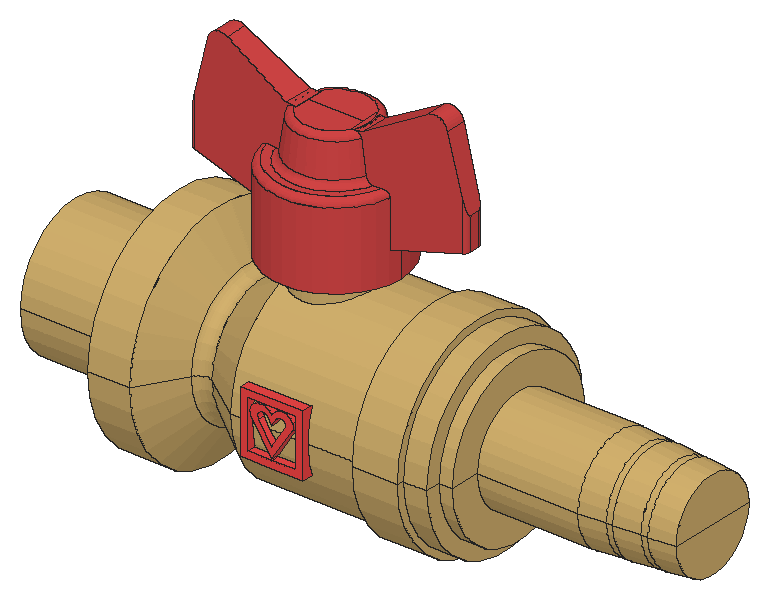
Revit family "KFE inkl.Schlauchtülle 2512", category Pipe Accessories, Revit 2018
Family settings
  Round Connector Dimension = Use Diameter
  Part Type = Normal
  OmniClass Number = 23.65.55.14
  OmniClass Title = Valves for Liquid Services
  Work Plane-Based = No
  Always vertical = Yes
  Cut with Voids When Loaded = No
  Shared = No
Parameters
  min.Betriebstemperatur = -30 °C  # constant formula
  max.Betriebstemperatur = 110 °C  # constant formula
  max.Betriebsdruck = 1000000.0 Pa  # constant formula
  W1 = 60.00°  # constant formula
  URL = "www.herz-armaturen.at"
  Spindel = "Messing CW614N"  # constant formula
  SCTWSEQ = "ENT;AO;1"
  SCTWCODE = "01;10;01"  # constant formula
  SCRNSEQ = "ARM;ARM_TYP=\"ABSV\";1"
  SCRNCODE = "05;08;01"  # constant formula
  S04 = 6.500 mm  # constant formula
  S03 [instance] = (L06 / 2) + L07 + L08 + L09 + L100  # 36.750 mm
  S02 [instance] = L05 + (L06 / 2)  # 17.650 mm
  S01 [instance] = L00 - (L08 + L09 + L100)  # 62.000 mm
  R99 = 2.000 mm  # constant formula
  R01 [instance] = if(Nennweite = 15.000 mm, 5.500 mm, if(Nennweite = 20.000 mm, 6.000 mm, 1.000 mm))  # 6.000 mm
  Nennweite [instance] = 20.000 mm
  LO1 = 2.500 mm  # constant formula
  L12 = 3.800 mm  # constant formula
  L11 = 8.600 mm  # constant formula
  L100 = 14.600 mm  # constant formula
  L10 = 1.000 mm  # constant formula
  L09 = 13.400 mm  # constant formula
  L08 = 2.000 mm  # constant formula
  L07 = 3.500 mm  # constant formula
  L06 = 6.500 mm  # constant formula
  L05 [instance] = if(Nennweite = 15.000 mm, 11.000 mm, if(Nennweite = 20.000 mm, 14.400 mm, 1.000 mm))  # 14.400 mm
  L04 = 4.000 mm  # constant formula
  L03 [instance] = if(Nennweite = 15.000 mm, 4.000 mm, if(Nennweite = 20.000 mm, 6.000 mm, 1.000 mm))  # 6.000 mm
  L02 [instance] = if(Nennweite = 15.000 mm, 12.000 mm, if(Nennweite = 20.000 mm, 15.000 mm, 1.000 mm))  # 15.000 mm
  L01 [instance] = if(Nennweite = 15.000 mm, 32.000 mm, if(Nennweite = 20.000 mm, 37.600 mm, 1.000 mm))  # 37.600 mm
  L00 [instance] = if(Nennweite = 15.000 mm, 83.000 mm, if(Nennweite = 20.000 mm, 92.000 mm, 1.000 mm))  # 92.000 mm
  Kugel = "geschmiedetes CW617N, volle Bohrung, Oberfläche verchromt"  # constant formula
  Knebel = "Aluminium rot beschichtet"  # constant formula
  Manufacturer = "Herz-Armaturen GmbH"  # constant formula
  H01 [instance] = if(Nennweite = 15.000 mm, 17.000 mm, if(Nennweite = 20.000 mm, 21.000 mm, 1.000 mm))  # 21.000 mm
  H00 [instance] = if(Nennweite = 15.000 mm, 37.000 mm, if(Nennweite = 20.000 mm, 40.000 mm, 1.000 mm))  # 40.000 mm
  Gehäuse = "geschmiedetes Messing CW617N"  # constant formula
  G01 [instance] = Nennweite / 2  # 10.000 mm
  Dichtungen = "Kugel: PTFE, Spindel: PTFE"  # constant formula
  D07 = 6.500 mm  # constant formula
  D06 = 7.500 mm  # constant formula
  D05 = 11.900 mm  # constant formula
  D04 = 14.000 mm  # constant formula
  D03 = 15.000 mm  # constant formula
  D02 [instance] = if(Nennweite = 15.000 mm, 11.700 mm, if(Nennweite = 20.000 mm, 13.900 mm, 1.000 mm))  # 13.900 mm
  D01 [instance] = if(Nennweite = 15.000 mm, 13.400 mm, if(Nennweite = 20.000 mm, 16.500 mm, 1.000 mm))  # 16.500 mm
  Betriebsdaten = "Heizungswasser nach ÖNORM H5195 oder VDI- Richtlinie 2035.\r\nDie Verwendung von Ethylen-, oder Propyleneglykol in einem Mischungsverhältnis 25- 50% ist zulässig."
  Bestellnummer [instance] = if(Nennweite = 15.000 mm, 1251201, if(Nennweite = 20.000 mm, 1251202, 0))  # 1251202
  Anwendungsgebiet = "Die Entleerungshähne werden als Füll- und Entleerungshähne verwendet. Anwendungsgebiete sind in haustechnischen Anlagen, wie z.B. in Heizungs- oder Kaltwasseranlagen für die Klimatisierung von Gebäuden. Aromatische Chlorkohlenwasserstoffe wie in Erdgas oder Erdölen vorkommend, zerstören die EPDM- Dichtungen"
Reference planes
  plane 1 "Mitte (Vorne/hinten)": y = 0
  plane 2: z = 0
  plane 3 "Mitte (Links/rechts)": x = 0
Forms (mm)
  Revolve 1, solid, material "Messing", detail levels fine
    sketch origin (0, 0, 0) x (1, 0, 0) y (0, 1, 0)
      loop
        line (54.4, 0) -> (54.4, 6.5) -> (50.6, 6.832) -> (49.6, 6.832) -> (45.8, 7.165) -> (44.8, 7.168) -> (41, 7.5) -> (26.4, 7.5) -> (26.4, 11.9) -> (24.4, 11.9) -> (24.4, 14) -> (20.9, 14) -> (20.9, 15) -> (14.4, 15) -> (14.4, 13.9) -> (-4, 13.9) -> (-10.533, 9.187)
        arc (-10.533, 9.187) -> (-11.878, 9.216) -> (-12.9, 10.091) r 2
        line (-12.9, 10.091) -> (-16.6, 16.5) -> (-22.6, 16.5) -> (-22.6, 10) -> (-37.6, 10) -> (-37.6, 0) -> (54.4, 0)
      axis (54.4, 0) -> (-37.6, 0)
    angle from 0 to 360
  Revolve 2, solid, material "Messing", detail levels fine
    sketch origin (0, 0, 0) x (1, 0, 0) y (0, 0, 1)
      loop
        line (0, 0) -> (0, 21) -> (-6, 21) -> (-6, 0) -> (0, 0)
      axis (0, 21) -> (0, 0)
    angle from 0 to 360
Lines and regions (mm)
  model lines, detail levels coarse+medium
    curve 1: line (-37.6, 0, 0) -> (24.4, 0, 0)
    curve 2: line (17.65, 0, 15) -> (17.65, 0, -15)
    curve 3: line (24.4, 0, 0) -> (54.4, 0, -6.5)
    curve 4: line (17.65, 15, 0) -> (17.65, -15, 0)
    curve 5: line (24.4, 0, 0) -> (54.4, -6.5, 0)
Dimensions and locks
  "L00": Revolve 1 sketch curve to Revolve 1 sketch curve
  "L01": Revolve 1 sketch curve to plane 3 "Mitte (Links/rechts)"
  "L02": Revolve 1 sketch curve to Revolve 1 sketch curve
  "L03": Revolve 1 sketch curve to Revolve 1 sketch curve
  "L04": Revolve 1 sketch curve to plane 3 "Mitte (Links/rechts)"
  "L05": plane 3 "Mitte (Links/rechts)" to Revolve 1 sketch curve
  "L06": Revolve 1 sketch curve to Revolve 1 sketch curve
  "L07": Revolve 1 sketch curve to Revolve 1 sketch curve
  "L08": Revolve 1 sketch curve to Revolve 1 sketch curve
  "L12": Revolve 1 sketch curve to Revolve 1 sketch curve
  "L10": Revolve 1 sketch curve to Revolve 1 sketch curve  (x2)
  "L11": Revolve 1 sketch curve to Revolve 1 sketch curve
  "L09": Revolve 1 sketch curve to Revolve 1 sketch curve
  "L100": Revolve 1 sketch curve to Revolve 1 sketch curve
  "H01": Revolve 2 sketch curve to plane 2
  "R01": plane 3 "Mitte (Links/rechts)" to Revolve 2 sketch curve
  "H00": nested 1 to plane 2
  "S01": curve 1 to curve 1
  "L01": plane 3 "Mitte (Links/rechts)" to curve 1
  "S02": plane 3 "Mitte (Links/rechts)" to curve 2
  "S03": curve 2 to curve 3
  "S04": plane 2 to curve 3
  "S02": plane 3 "Mitte (Links/rechts)" to curve 4
  "S03": curve 4 to curve 5
  "S04": curve 5 to plane 1 "Mitte (Vorne/hinten)"
  "G01": plane 1 "Mitte (Vorne/hinten)" to Revolve 1 sketch curve
  "D01": plane 1 "Mitte (Vorne/hinten)" to Revolve 1 sketch curve
  "D02": Revolve 1 sketch curve to plane 1 "Mitte (Vorne/hinten)"
  "D03": plane 1 "Mitte (Vorne/hinten)" to Revolve 1 sketch curve
  "D04": plane 1 "Mitte (Vorne/hinten)" to Revolve 1 sketch curve
  "D05": plane 1 "Mitte (Vorne/hinten)" to Revolve 1 sketch curve
  "D06": plane 1 "Mitte (Vorne/hinten)" to Revolve 1 sketch curve
  "D07": plane 1 "Mitte (Vorne/hinten)" to Revolve 1 sketch curve
  "D02": nested 2 to plane 1 "Mitte (Vorne/hinten)"
  "LO1": plane 3 "Mitte (Links/rechts)" to nested 2
  "R99": radius of Revolve 1 sketch curve
  angle Revolve 1 sketch curve to Revolve 1 sketch curve = 95.00°  (x3)
  "W1": angle Revolve 1 sketch curve to Revolve 1 sketch curve
  aligned and locked: level to plane 2
Automatic sketch dimensions
  Revolve 2 sketch curve to level = 0.000 mm
  Revolve 2 sketch curve to plane 3 "Mitte (Links/rechts)" = 0.000 mm  (x2)
  Revolve 2 sketch curve to level = 366.045 mm
  Revolve 2 sketch curve to Revolve 2 sketch curve = 2197.315 mm
  curve 1 to level = 0.000 mm
  curve 2 to level = 15.000 mm
  level to curve 2 = 15.000 mm
  plane 1 "Mitte (Vorne/hinten)" to curve 5 = 0.000 mm
  curve 4 to curve 5 = 6.750 mm
  plane 1 "Mitte (Vorne/hinten)" to curve 4 = 15.000 mm
  curve 4 to plane 1 "Mitte (Vorne/hinten)" = 15.000 mm
  Revolve 1 sketch curve to plane 1 "Mitte (Vorne/hinten)" = 0.000 mm
  plane 1 "Mitte (Vorne/hinten)" to Revolve 1 sketch curve = 0.000 mm
  Revolve 1 sketch curve to plane 1 "Mitte (Vorne/hinten)" = 10.091 mm
  Revolve 1 sketch curve to Revolve 1 sketch curve = 1.736 mm
  Revolve 1 sketch curve to plane 1 "Mitte (Vorne/hinten)" = 9.187 mm
  Revolve 1 sketch curve to Revolve 1 sketch curve = 1968.000 mm
  Revolve 1 sketch curve to Revolve 1 sketch curve = 1949.000 mm
Nested families
  nested 1: "Flügelgriff rot" at (0, 0, 16.1), type "Flügelgriff rot", detail levels fine
  nested 2: "Herz-Logo-vorne" at (2.5, -13.9, 0) x (0, 1, 0) z (0, 0, 1), type "Herz-Logo-vorne"
Connectors
  piping at (-37.6, 0, 0), diameter 20, driven by "Nennweite"
    settings: on Revolve 1, index 1, connector inside diameter 609.6 mm, connector length 0.000 mm, flow factor 0, pipe flow 0.0 L/s, pressure drop 0.0 Pa, fitting loss kfactor 0, connector angle 0.00°, fixture units 0, engagement length 0.000 mm, angle of deflection 0.00°, flow configuration 0, flow direction 0, fitting loss method 0, system type 29, joint type 0, gender type 0, connector reference index -1, connector utility 0, adjustable connector no, is connector primary yes, connector description ""
Definition of nested family "Flügelgriff rot"
  Reference planes
    plane 1 "Mitte (Vorne/hinten)": y = 0
    plane 2: z = 0
    plane 3 "Mitte (Links/rechts)": x = 0
  Forms (mm)
    Revolve 1, solid, detail levels fine
      sketch origin (0, 0, 0) x (1, 0, 0) y (0, 0, 1)
        loop
          line (0, 0) -> (0, 18.5) -> (-4.81, 18.5)
          arc (-4.81, 18.5) -> (-5.477, 18.248) -> (-5.81, 17.616) r 1.009
          line (-5.81, 17.616) -> (-6.39, 12.983)
          arc (-6.39, 12.983) -> (-6.723, 12.352) -> (-7.39, 12.1) r 1.008
          line (-7.39, 12.1) -> (-8.543, 12.1)
          arc (-8.543, 12.1) -> (-9.22, 11.82) -> (-9.5, 11.143) r 0.957
          line (-9.5, 11.143) -> (-9.5, 0) -> (0, 0)
        axis (0, 18.5) -> (0, 0)
      angle from 0 to 360
    Extrusion 2, solid, detail levels fine
      sketch origin (0, 0, 0) x (1, 0, 0) y (0, 1, 0)
        loop
          arc (-20, -0.627) -> (-19.829, -1.058) -> (-19.409, -1.256) r 0.63
          line (-19.409, -1.256) -> (-4, -2.231) -> (-4, 2.225) -> (-19.471, 1.312)
          arc (-19.471, 1.312) -> (-19.847, 1.137) -> (-20, 0.752) r 0.562
          line (-20, 0.752) -> (-20, -0.627)
        loop
          line (20, -0.627) -> (20, 0.752)
          arc (20, 0.752) -> (19.847, 1.137) -> (19.471, 1.312) r 0.562
          line (19.471, 1.312) -> (4.042, 2.223) -> (4.042, -2.228) -> (19.409, -1.256)
          arc (19.409, -1.256) -> (19.829, -1.058) -> (20, -0.627) r 0.63
      from 4.6 to 23.9
    Extrusion 3, void
      sketch origin (0, 0, 0) x (1, 0, 0) y (0, 0, 1)
        loop
          line (-9.5, 4.6) -> (-20, 7.413) -> (-20, 4.6) -> (-9.5, 4.6)
        loop
          line (9.5, 4.6) -> (20, 4.6) -> (20, 7.413) -> (9.5, 4.6)
      from 5 to -5
    Extrusion 4, void
      sketch origin (0, 0, 0) x (1, 0, 0) y (0, 0, 1)
        loop
          line (-5.5, 18.5) -> (5.5, 18.5) -> (14.401, 23.633)
          arc (14.401, 23.633) -> (16.174, 23.744) -> (17.336, 22.401) r 2
          line (17.336, 22.401) -> (20, 12.113) -> (20, 25.076) -> (-20, 25.076) -> (-20, 12.113) -> (-17.336, 22.401)
          arc (-17.336, 22.401) -> (-16.174, 23.744) -> (-14.401, 23.633) r 2
          line (-14.401, 23.633) -> (-5.5, 18.5)
      from 5 to -5
  Cuts and joins
    Extrusion 3, Extrusion 4 cuts Extrusion 2
    Extrusion 4 cuts Revolve 1
  Dimensions and locks
    aligned and locked: level to plane 2
Definition of nested family "Herz-Logo-vorne"
  Reference planes
    plane 1 "Mitte (Vorne/hinten)": y = 0
    plane 2: z = 0
    plane 3 "Mitte (Links/rechts)": x = 0
  Forms (mm)
    Extrusion 1, solid
      sketch origin (0.732, -0.018, 0.017) x (0, -1, 0) y (0, 0, 1)
        loop
          line (-0.018, -4.517) -> (4.482, -4.517) -> (4.482, 4.483) -> (-4.518, 4.483) -> (-4.518, -4.517) -> (-0.018, -4.517)
        loop
          line (-0.05, -3.48) -> (3.482, -3.48) -> (3.482, 3.483) -> (-3.518, 3.483) -> (-3.518, -3.48) -> (-0.05, -3.48)
        loop
          arc (-0.018, 2.383) -> (-1.543, 3.287) -> (-3.067, 2.383) r 1.738
          arc (-3.067, 2.383) -> (-3.191, 1.899) -> (-3.067, 1.415) r 1.009
          line (-3.067, 1.415) -> (-0.018, -3.281) -> (3.032, 1.415)
          arc (3.032, 1.415) -> (3.156, 1.899) -> (3.032, 2.383) r 1.009
          arc (3.032, 2.383) -> (1.507, 3.287) -> (-0.018, 2.383) r 1.738
        loop
          arc (1.885, 1.272) -> (2.005, 1.675) -> (1.885, 2.079) r 0.74
          arc (1.885, 2.079) -> (1.265, 2.416) -> (0.644, 2.079) r 0.74
          line (0.644, 2.079) -> (-0.018, 0.97) -> (-0.679, 2.079)
          arc (-0.679, 2.079) -> (-1.3, 2.416) -> (-1.921, 2.079) r 0.74
          arc (-1.921, 2.079) -> (-2.04, 1.675) -> (-1.921, 1.272) r 0.74
          line (-1.921, 1.272) -> (-0.018, -1.658) -> (1.885, 1.272)
      from 0 to 1.5
  Dimensions and locks
    aligned and locked: level to plane 2
